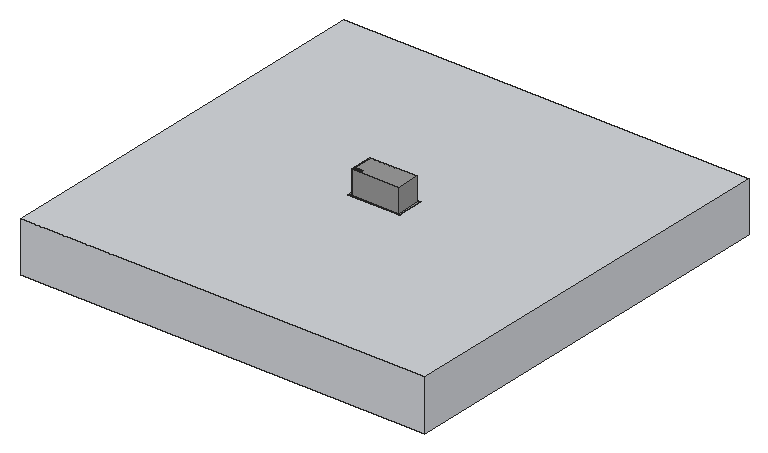
Revit family "LAMP_PUZZLE DB", category Modelos genéricos, Revit 2015
Parameters (values of type "4688LM 3000 BLACK FLOOD")
  Weight = 2.072 kg
  Type = "COB PHILIPS"
  Protection rating = "IP20"
  Product datasheet = "http://www.lamp.es/product-files/TECH/PU2RE225FL830NB-EN.pdf"
  Product code = "PU2RE225FL830NB"
  Product URL = "http://www.lamp.es/en/family/puzzle_33321"
  Power Supply = "220-240V 50-60Hz"
  Power = 36 W
  Plum = 37.8 W
  Photometric web file 2 = Aro exterior : 2344LM 3000 BLACK FLOOD
  Photometric web file 1 = Aro exterior : 2344LM 3000 BLACK FLOOD
  Modelo = Product code  # "PU2RE225FL830NB"
  Model explanation = "Availability of tilting between -25º and 25º in both directions when placed in a project."  # constant formula
  Material caja = LAMP_Aluminio aro Puzzle BL
  Manufacturer name = "LAMP"
  Manufacturer country = "Spain"
  Manufacturer URL = "http://www.lamp.es/en"
  MacAdam = "3"
  Luminaire type = "Indoor - Recessed luminaire"
  Last update = "24/07/2018"
  Lamp = "COB LED"
  LED Lifetime = "50.000 L80 B10"
  Interior Tilting 2 [instance] = 0.00°
  Interior Tilting 1 [instance] = 0.00°
  Insulation class = "II"
  Installation instructions = "http://www.lamp.es/product-files/INS/1000620-L-INSTR.%20LUMINARIA%20PUZZLE%20PARA%20PROYECCI%C3%93N.pdf"
  Initial intensity = 4688 lm
  Initial color = 3000 K
  IEE = "A++"
  Height = 139 mm
  Gear = "Electronic"
  Finish = "Matte black"
  Fabricante = Manufacturer name  # "LAMP"
  Exterior Tilting 2 [instance] = 0.00°
  Exterior Tilting 1 [instance] = 0.00°
  Default Elevation = 1219.2 mm
  Efficacy = 124 lm/W
  Dimensions = "300 x 140 x 139"
  Descripción = "PUZZLE G2 DB 2500 WW FL BK."
  Comentarios de tipo = Model explanation  # "Availability of tilting between -25º and 25º in both directions when placed in a project."
  CRI = "80"
  Angulo aro interior 2 [instance] = if(Interior Tilting 2 < -25.00°, 65.00°, if(Interior Tilting 2 > 25.00°, 115.00°, Interior Tilting 2 + 90.00°))  # 90.00°
  Angulo aro interior 1 [instance] = if(Interior Tilting 1 < -25.00°, 65.00°, if(Interior Tilting 1 > 25.00°, 115.00°, Interior Tilting 1 + 90.00°))  # 90.00°
  Angulo aro exterior 2 [instance] = if(Exterior Tilting 2 < -25.00°, 65.00°, if(Exterior Tilting 2 > 25.00°, 115.00°, Exterior Tilting 2 + 90.00°))  # 90.00°
  Angulo aro exterior 1 [instance] = if(Exterior Tilting 1 < -25.00°, 65.00°, if(Exterior Tilting 1 > 25.00°, 115.00°, Exterior Tilting 1 + 90.00°))  # 90.00°
Types (24, lengths in mm): name | Weight | Product datasheet | Product code | Power | Plum | Photometric web file 2 | Photometric web file 1 | Modelo | Material caja | LED Lifetime | Initial intensity | Initial color | IEE | Finish | Efficacy | Descripción
  4688LM 3000 BLACK FLOOD | 2.072 kg | "http://www.lamp.es/product-files/TECH/PU2RE225FL830NB-EN.pdf" | "PU2RE225FL830NB" | 36 W | 37.8 W | Aro exterior : 2344LM 3000 BLACK FLOOD | Aro exterior : 2344LM 3000 BLACK FLOOD | "PU2RE225FL830NB" | LAMP_Aluminio aro Puzzle BL | "50.000 L80 B10" | 4688 lm | 3000 K | "A++" | "Matte black" | 124 lm/W | "PUZZLE G2 DB 2500 WW FL BK."
  4688LM 3000 WHITE FLOOD | 2.072 kg | "http://www.lamp.es/product-files/TECH/PU2RE225FL830NW-EN.pdf" | "PU2RE225FL830NW" | 36 W | 37.8 W | Aro exterior : 2344LM 3000 WHITE FLOOD | Aro exterior : 2344LM 3000 WHITE FLOOD | "PU2RE225FL830NW" | LAMP_Aluminio aro Puzzle WH | "50.000 L80 B10" | 4688 lm | 3000 K | "A++" | "Matte white" | 124 lm/W | "PUZZLE G2 DB 2500 WW FL WH."
  4736LM 3000 BLACK MEDIUM FLOOD | 2.072 kg | "http://www.lamp.es/product-files/TECH/PU2RE225MF830NB-EN.pdf" | "PU2RE225MF830NB" | 36 W | 37.8 W | Aro exterior : 2368LM 3000 BLACK MEDIUM FLOOD | Aro exterior : 2368LM 3000 BLACK MEDIUM FLOOD | "PU2RE225MF830NB" | LAMP_Aluminio aro Puzzle BL | "50.000 L80 B10" | 4736 lm | 3000 K | "A++" | "Matte black" | 125.3 lm/W | "PUZZLE G2 DB 2500 WW MFL BK."
  4736LM 3000 WHITE MEDIUM FLOOD | 2.072 kg | "http://www.lamp.es/product-files/TECH/PU2RE225MF830NW-EN.pdf" | "PU2RE225MF830NW" | 36 W | 37.8 W | Aro exterior : 2368LM 3000 WHITE MEDIUM FLOOD | Aro exterior : 2368LM 3000 WHITE MEDIUM FLOOD | "PU2RE225MF830NW" | LAMP_Aluminio aro Puzzle WH | "50.000 L80 B10" | 4736 lm | 3000 K | "A++" | "Matte white" | 125.3 lm/W | "PUZZLE G2 DB 2500 WW MFL WH."
  4884LM 4000 BLACK FLOOD | 2.072 kg | "http://www.lamp.es/product-files/TECH/PU2RE225FL840NB-EN.pdf" | "PU2RE225FL840NB" | 36 W | 37.8 W | Aro exterior : 2442LM 4000 BLACK FLOOD | Aro exterior : 2442LM 4000 BLACK FLOOD | "PU2RE225FL840NB" | LAMP_Aluminio aro Puzzle BL | "50.000 L80 B10" | 4884 lm | 4000 K | "A++" | "Matte black" | 129.2 lm/W | "PUZZLE G2 DB 2500 NW FL BK."
  4884LM 4000 WHITE FLOOD | 2.072 kg | "http://www.lamp.es/product-files/TECH/PU2RE225FL840NW-EN.pdf" | "PU2RE225FL840NW" | 36 W | 37.8 W | Aro exterior : 2442LM 4000 WHITE FLOOD | Aro exterior : 2442LM 4000 WHITE FLOOD | "PU2RE225FL840NW" | LAMP_Aluminio aro Puzzle WH | "50.000 L80 B10" | 4884 lm | 4000 K | "A++" | "Matte white" | 129.2 lm/W | "PUZZLE G2 DB 2500 NW FL WH."
  4932LM 4000 BLACK MEDIUM FLOOD | 2.072 kg | "http://www.lamp.es/product-files/TECH/PU2RE225MF840NB-EN.pdf" | "PU2RE225MF840NB" | 36 W | 37.8 W | Aro exterior : 2466LM 4000 BLACK MEDIUM FLOOD | Aro exterior : 2466LM 4000 BLACK MEDIUM FLOOD | "PU2RE225MF840NB" | LAMP_Aluminio aro Puzzle BL | "50.000 L80 B10" | 4932 lm | 4000 K | "A++" | "Matte black" | 130.5 lm/W | "PUZZLE G2 DB 2500 NW MFL BK."
  4932LM 4000 WHITE MEDIUM FLOOD | 2.072 kg | "http://www.lamp.es/product-files/TECH/PU2RE225MF840NW-EN.pdf" | "PU2RE225MF840NW" | 36 W | 37.8 W | Aro exterior : 2466LM 4000 WHITE MEDIUM FLOOD | Aro exterior : 2466LM 4000 WHITE MEDIUM FLOOD | "PU2RE225MF840NW" | LAMP_Aluminio aro Puzzle WH | "50.000 L80 B10" | 4932 lm | 4000 K | "A++" | "Matte white" | 130.5 lm/W | "PUZZLE G2 DB 2500 NW MFL WH."
  6394LM 3000 BLACK FLOOD | 2.174 kg | "http://www.lamp.es/product-files/TECH/PU2RE235FL830NB-EN.pdf" | "PU2RE235FL830NB" | 54 W | 66.2 W | Aro exterior : 3197LM 3000 BLACK FLOOD | Aro exterior : 3197LM 3000 BLACK FLOOD | "PU2RE235FL830NB" | LAMP_Aluminio aro Puzzle BL | "50.000 L70 B10" | 6394 lm | 3000 K | "A+" | "Matte black" | 96.6 lm/W | "PUZZLE G2 DB 3500 WW FL BK."
  6394LM 3000 WHITE FLOOD | 2.174 kg | "http://www.lamp.es/product-files/TECH/PU2RE235FL830NW-EN.pdf" | "PU2RE235FL830NW" | 54 W | 66.2 W | Aro exterior : 3197LM 3000 WHITE FLOOD | Aro exterior : 3197LM 3000 WHITE FLOOD | "PU2RE235FL830NW" | LAMP_Aluminio aro Puzzle WH | "50.000 L70 B10" | 6394 lm | 3000 K | "A+" | "Matte white" | 96.6 lm/W | "PUZZLE G2 DB 3500 WW FL WH."
  6458LM 3000 BLACK MEDIUM FLOOD | 2.174 kg | "http://www.lamp.es/product-files/TECH/PU2RE235MF830NB-EN.pdf" | "PU2RE235MF830NB" | 54 W | 66.2 W | Aro exterior : 3229LM 3000 BLACK MEDIUM FLOOD | Aro exterior : 3229LM 3000 BLACK MEDIUM FLOOD | "PU2RE235MF830NB" | LAMP_Aluminio aro Puzzle BL | "50.000 L70 B10" | 6458 lm | 3000 K | "A+" | "Matte black" | 97.6 lm/W | "PUZZLE G2 DB 3500 WW MFL BK."
  6458LM 3000 WHITE MEDIUM FLOOD | 2.174 kg | "http://www.lamp.es/product-files/TECH/PU2RE235MF830NW-EN.pdf" | "PU2RE235MF830NW" | 54 W | 66.2 W | Aro exterior : 3229LM 3000 WHITE MEDIUM FLOOD | Aro exterior : 3229LM 3000 WHITE MEDIUM FLOOD | "PU2RE235MF830NW" | LAMP_Aluminio aro Puzzle WH | "50.000 L70 B10" | 6458 lm | 3000 K | "A+" | "Matte white" | 97.6 lm/W | "PUZZLE G2 DB 3500 WW MFL WH."
  6660LM 4000 BLACK FLOOD | 2.174 kg | "http://www.lamp.es/product-files/TECH/PU2RE235FL840NB-EN.pdf" | "PU2RE235FL840NB" | 54 W | 66.2 W | Aro exterior : 3330LM 4000 BLACK FLOOD | Aro exterior : 3330LM 4000 BLACK FLOOD | "PU2RE235FL840NB" | LAMP_Aluminio aro Puzzle BL | "50.000 L70 B10" | 6660 lm | 4000 K | "A+" | "Matte black" | 100.6 lm/W | "PUZZLE G2 DB 3500 NW FL BK."
  6660LM 4000 WHITE FLOOD | 2.174 kg | "http://www.lamp.es/product-files/TECH/PU2RE235FL840NW-EN.pdf" | "PU2RE235FL840NW" | 54 W | 66.2 W | Aro exterior : 3330LM 4000 WHITE FLOOD | Aro exterior : 3330LM 4000 WHITE FLOOD | "PU2RE235FL840NW" | LAMP_Aluminio aro Puzzle WH | "50.000 L70 B10" | 6660 lm | 4000 K | "A+" | "Matte white" | 100.6 lm/W | "PUZZLE G2 DB 3500 NW FL WH."
  6726LM 4000 BLACK MEDIUM FLOOD | 2.174 kg | "http://www.lamp.es/product-files/TECH/PU2RE235MF840NB-EN.pdf" | "PU2RE235MF840NB" | 54 W | 66.2 W | Aro exterior : 3363LM 4000 BLACK MEDIUM FLOOD | Aro exterior : 3363LM 4000 BLACK MEDIUM FLOOD | "PU2RE235MF840NB" | LAMP_Aluminio aro Puzzle BL | "50.000 L70 B10" | 6726 lm | 4000 K | "A+" | "Matte black" | 101.6 lm/W | "PUZZLE G2 DB 3500 NW MFL BK."
  6726LM 4000 WHITE MEDIUM FLOOD | 2.174 kg | "http://www.lamp.es/product-files/TECH/PU2RE235MF840NW-EN.pdf" | "PU2RE235MF840NW" | 54 W | 66.2 W | Aro exterior : 3363LM 4000 WHITE MEDIUM FLOOD | Aro exterior : 3363LM 4000 WHITE MEDIUM FLOOD | "PU2RE235MF840NW" | LAMP_Aluminio aro Puzzle WH | "50.000 L70 B10" | 6726 lm | 4000 K | "A+" | "Matte white" | 101.6 lm/W | "PUZZLE G2 DB 3500 NW MFL WH."
  8102LM 3000 BLACK MEDIUM FLOOD | 2.33 kg | "http://www.lamp.es/product-files/TECH/PU2RE245MF830NB-EN.pdf" | "PU2RE245MF830NB" | 66 W | 76.4 W | Aro exterior : 4051LM 3000 BLACK MEDIUM FLOOD | Aro exterior : 4051LM 3000 BLACK MEDIUM FLOOD | "PU2RE245MF830NB" | LAMP_Aluminio aro Puzzle BL | "50.000 L80 B10" | 8102 lm | 3000 K | "A+" | "Matte black" | 106 lm/W | "PUZZLE G2 DB 4600 WW MFL BK."
  8102LM 3000 WHITE MEDIUM FLOOD | 2.33 kg | "http://www.lamp.es/product-files/TECH/PU2RE245MF830NW-EN.pdf" | "PU2RE245MF830NW" | 66 W | 76.4 W | Aro exterior : 4051LM 3000 WHITE MEDIUM FLOOD | Aro exterior : 4051LM 3000 WHITE MEDIUM FLOOD | "PU2RE245MF830NW" | LAMP_Aluminio aro Puzzle WH | "50.000 L80 B10" | 8102 lm | 3000 K | "A+" | "Matte white" | 106 lm/W | "PUZZLE G2 DB 4600 WW MFL WH."
  8274LM 3000 BLACK FLOOD | 2.33 kg | "http://www.lamp.es/product-files/TECH/PU2RE245FL830NB-EN.pdf" | "PU2RE245FL830NB" | 66 W | 76.4 W | Aro exterior : 4137LM 3000 BLACK FLOOD | Aro exterior : 4137LM 3000 BLACK FLOOD | "PU2RE245FL830NB" | LAMP_Aluminio aro Puzzle BL | "50.000 L80 B10" | 8274 lm | 3000 K | "A+" | "Matte black" | 108.3 lm/W | "PUZZLE G2 DB 4600 WW FL BK."
  8274LM 3000 WHITE FLOOD | 2.33 kg | "http://www.lamp.es/product-files/TECH/PU2RE245FL830NW-EN.pdf" | "PU2RE245FL830NW" | 66 W | 76.4 W | Aro exterior : 4137LM 3000 WHITE FLOOD | Aro exterior : 4137LM 3000 WHITE FLOOD | "PU2RE245FL830NW" | LAMP_Aluminio aro Puzzle WH | "50.000 L80 B10" | 8274 lm | 3000 K | "A+" | "Matte white" | 108.3 lm/W | "PUZZLE G2 DB 4600 WW FL WH."
  8440LM 4000 BLACK MEDIUM FLOOD | 2.33 kg | "http://www.lamp.es/product-files/TECH/PU2RE245MF840NB-EN.pdf" | "PU2RE245MF840NB" | 66 W | 76.4 W | Aro exterior : 4220LM 4000 BLACK MEDIUM FLOOD | Aro exterior : 4220LM 4000 BLACK MEDIUM FLOOD | "PU2RE245MF840NB" | LAMP_Aluminio aro Puzzle BL | "50.000 L80 B10" | 8440 lm | 4000 K | "A+" | "Matte black" | 110.5 lm/W | "PUZZLE G2 DB 4600 NW MFL BK."
  8440LM 4000 WHITE MEDIUM FLOOD | 2.33 kg | "http://www.lamp.es/product-files/TECH/PU2RE245MF840NW-EN.pdf" | "PU2RE245MF840NW" | 66 W | 76.4 W | Aro exterior : 4220LM 4000 WHITE MEDIUM FLOOD | Aro exterior : 4220LM 4000 WHITE MEDIUM FLOOD | "PU2RE245MF840NW" | LAMP_Aluminio aro Puzzle WH | "50.000 L80 B10" | 8440 lm | 4000 K | "A+" | "Matte white" | 110.5 lm/W | "PUZZLE G2 DB 4600 NW MFL WH."
  8618LM 4000 BLACK FLOOD | 2.33 kg | "http://www.lamp.es/product-files/TECH/PU2RE245FL840NB-EN.pdf" | "PU2RE245FL840NB" | 66 W | 76.4 W | Aro exterior : 4309LM 4000 BLACK FLOOD | Aro exterior : 4309LM 4000 BLACK FLOOD | "PU2RE245FL840NB" | LAMP_Aluminio aro Puzzle BL | "50.000 L80 B10" | 8618 lm | 4000 K | "A+" | "Matte black" | 112.8 lm/W | "PUZZLE G2 DB 4600 NW FL BK."
  8618LM 4000 WHITE FLOOD | 2.33 kg | "http://www.lamp.es/product-files/TECH/PU2RE245FL840NW-EN.pdf" | "PU2RE245FL840NW" | 66 W | 76.4 W | Aro exterior : 4309LM 4000 WHITE FLOOD | Aro exterior : 4309LM 4000 WHITE FLOOD | "PU2RE245FL840NW" | LAMP_Aluminio aro Puzzle WH | "50.000 L80 B10" | 8618 lm | 4000 K | "A+" | "Matte white" | 112.8 lm/W | "PUZZLE G2 DB 4600 NW FL WH."
Reference planes
  plane 1 "Centro (Frontal/Posterior)": y = 0
  plane 2: z = 0
  plane 3 "Centro (Izquierda/Derecha)": x = 0
Forms (mm)
  Extrusion 1, solid
    sketch origin (0, 0, 0) x (1, 0, 0) y (0, 1, 0)
      loop
        line (-1219.2, 1219.2) -> (-1219.2, -1219.2) -> (1219.2, -1219.2) -> (1219.2, 1219.2) -> (-1219.2, 1219.2)
    from 0 to -304.8
  Extrusion 2, solid, material "LAMP_Aluminio aro Puzzle BL" <- "Material caja"
    sketch origin (0, 0, 0) x (1, 0, 0) y (0, 1, 0)
      loop
        line (-155, 78.5) -> (-155, -78.5) -> (155, -78.5) -> (155, 78.5) -> (-155, 78.5)
      loop
        line (141, 69.5) -> (-141, 69.5) -> (-141, -69.5) -> (141, -69.5) -> (141, 69.5)
    from 0 to 1
  Extrusion 3, solid, material "LAMP_Aluminio aro Puzzle BL" <- "Material caja"
    sketch origin (0, 0, 0) x (1, 0, 0) y (0, 1, 0)
      loop
        line (142, 70.5) -> (-142, 70.5) -> (-142, -70.5) -> (142, -70.5) -> (142, 70.5)
    from 1 to 140
  Extrusion 4, void
    sketch origin (0, 0, 0) x (1, 0, 0) y (0, 1, 0)
      loop
        line (-141, 69.5) -> (-141, -69.5) -> (141, -69.5) -> (141, 69.5) -> (-141, 69.5)
    from 0 to 139
  Extrusion 5, solid, material "LAMP_Aluminio aro Puzzle BL" <- "Material caja"
    sketch origin (0, 0, 0) x (1, 0, 0) y (0, 1, 0)
      loop
        arc (-133.934, -63.811) -> (-133.716, -64.338) -> (-133.189, -64.556) r 0.745
        line (-133.189, -64.556) -> (-128.649, -64.556)
        arc (-128.649, -64.556) -> (-128.199, -64.412) -> (-127.917, -64.033) r 0.775
        line (-127.917, -64.033) -> (-123.376, -50.838) -> (-118.861, -63.961)
        arc (-118.861, -63.961) -> (-118.596, -64.317) -> (-118.173, -64.452) r 0.727
        line (-118.173, -64.452) -> (-114.752, -64.452)
        arc (-114.752, -64.452) -> (-114.237, -64.238) -> (-114.024, -63.723) r 0.729
        line (-114.024, -63.723) -> (-114.024, -50.907) -> (-110.07, -54.861) -> (-105.964, -50.755) -> (-105.964, -63.849)
        arc (-105.964, -63.849) -> (-105.757, -64.349) -> (-105.257, -64.556) r 0.708
        line (-105.257, -64.556) -> (-100.18, -64.556)
        arc (-100.18, -64.556) -> (-99.638, -64.332) -> (-99.414, -63.79) r 0.766
        line (-99.414, -63.79) -> (-99.414, -51.39)
        arc (-99.414, -51.39) -> (-99.197, -50.867) -> (-98.674, -50.65) r 0.74
        line (-98.674, -50.65) -> (-95.23, -50.65)
        arc (-95.23, -50.65) -> (-94.691, -50.873) -> (-94.467, -51.412) r 0.762
        line (-94.467, -51.412) -> (-94.467, -54.015)
        arc (-94.467, -54.015) -> (-94.689, -54.55) -> (-95.225, -54.772) r 0.758
        line (-95.225, -54.772) -> (-98.396, -54.772)
        arc (-98.396, -54.772) -> (-99.221, -55.597) -> (-98.396, -56.421) r 0.824
        line (-98.396, -56.421) -> (-93.558, -56.421)
        arc (-93.558, -56.421) -> (-93.035, -56.204) -> (-92.819, -55.682) r 0.739
        line (-92.819, -55.682) -> (-92.819, -49.777)
        arc (-92.819, -49.777) -> (-93.046, -49.228) -> (-93.594, -49.001) r 0.776
        line (-93.594, -49.001) -> (-100.297, -49.001)
        arc (-100.297, -49.001) -> (-100.838, -49.226) -> (-101.063, -49.767) r 0.766
        line (-101.063, -49.767) -> (-101.063, -62.162)
        arc (-101.063, -62.162) -> (-101.287, -62.704) -> (-101.829, -62.929) r 0.766
        line (-101.829, -62.929) -> (-103.525, -62.929)
        arc (-103.525, -62.929) -> (-104.064, -62.705) -> (-104.287, -62.167) r 0.762
        line (-104.287, -62.167) -> (-104.287, -50.519)
        arc (-104.287, -50.519) -> (-105.483, -48.857) -> (-107.439, -49.463) r 1.753
        line (-107.439, -49.463) -> (-110.07, -52.093) -> (-112.7, -49.463)
        arc (-112.7, -49.463) -> (-114.656, -48.857) -> (-115.852, -50.519) r 1.753
        line (-115.852, -50.519) -> (-115.852, -61.98)
        arc (-115.852, -61.98) -> (-116.642, -62.913) -> (-117.693, -62.288) r 0.946
        line (-117.693, -62.288) -> (-121.9, -50.055)
        arc (-121.9, -50.055) -> (-123.376, -49.001) -> (-124.853, -50.055) r 1.561
        line (-124.853, -50.055) -> (-129.102, -62.41)
        arc (-129.102, -62.41) -> (-129.382, -62.786) -> (-129.828, -62.929) r 0.768
        line (-129.828, -62.929) -> (-131.553, -62.929)
        arc (-131.553, -62.929) -> (-132.071, -62.714) -> (-132.286, -62.196) r 0.733
        line (-132.286, -62.196) -> (-132.286, -49.738)
        arc (-132.286, -49.738) -> (-133.11, -48.914) -> (-133.934, -49.738) r 0.824
        line (-133.934, -49.738) -> (-133.934, -63.811)
    from 140 to 141
Cuts and joins
  Extrusion 4 cuts Extrusion 3
  joined: Extrusion 2, Extrusion 3
Text (mm)
  text "Any modification of the parameters and properties of the LAMP BIM models must be executed and validated by the LAMP technical department.\n\nPhone: +34 93 736 68 00\n\nE-mail: lamp@lamp.es\n\n\n\nLAMP reserves the right to modify the technical specifications of its products." at (-13542.455, 20964.75, -8790.927), in view "Preview"
Dimensions and locks
  aligned and locked: plane 2 to Extrusion 1
  aligned and locked: level to Extrusion 1
Nested families
  nested 1: "Aro exterior" at (70.5, 0, 0) x (0, 1, 0) z (0, 0, 1), type <- "Photometric web file 2", Interior tilting <- "Angulo aro interior 2", Exterior tilting <- "Angulo aro exterior 2", type "2344LM 3000 BLACK FLOOD"
    with Interior tilting 90.00°, Exterior tilting 90.00°
  nested 2: "Aro exterior" at (-70.5, 0, 0) x (0, 1, 0) z (0, 0, 1), type <- "Photometric web file 1", Interior tilting <- "Angulo aro interior 1", Exterior tilting <- "Angulo aro exterior 1", type "2344LM 3000 BLACK FLOOD"
    with Interior tilting 90.00°, Exterior tilting 90.00°
Connectors
  electrical at (0, 0, 139)
    settings: on cut or joined group of Extrusion 2, Extrusion 3, Extrusion 4, index 1, voltage 230 V, apparent load 0 VA, apparent load phase1 0 VA, apparent load phase2 0 VA, apparent load phase3 0 VA, power factor 1, load classification "Otro", number of poles 1, system type 31, power factor state 1, is connector primary yes, connector utility no, sub classification motor no, connector description ""
Definition of nested family "Aro exterior"
  Parameters (values of type "1405LM 3000 BLACK FLOOD")
    Exterior tilting [instance] = 90.00°
    Interior tilting [instance] = 90.00°
    Photometric web file = Aro interior : 1405LM 3000 BLACK FLOOD
    Material aro = none
  Types (33, lengths in mm): name | Photometric web file
    (no name) | Aro interior : 1405LM 3000 BLACK FLOOD
    1405LM 3000 BLACK FLOOD | Aro interior : 1405LM 3000 BLACK FLOOD
    1405LM 3000 WHITE FLOOD | Aro interior : 1405LM 3000 WHITE FLOOD
    1421LM 3000 BLACK MEDIUM FLOOD | Aro interior : 1421LM 3000 BLACK MEDIUM FLOOD
    1421LM 3000 WHITE MEDIUM FLOOD | Aro interior : 1421LM 3000 WHITE MEDIUM FLOOD
    1464LM 4000 BLACK FLOOD | Aro interior : 1464LM 4000 BLACK FLOOD
    1464LM 4000 WHITE FLOOD | Aro interior : 1464LM 4000 WHITE FLOOD
    1480LM 4000 BLACK MEDIUM FLOOD | Aro interior : 1480LM 4000 BLACK MEDIUM FLOOD
    1480LM 4000 WHITE MEDIUM FLOOD | Aro interior : 1480LM 4000 WHITE MEDIUM FLOOD
    2344LM 3000 BLACK FLOOD | Aro interior : 2344LM 3000 BLACK FLOOD
    2344LM 3000 WHITE FLOOD | Aro interior : 2344LM 3000 WHITE FLOOD
    2368LM 3000 BLACK MEDIUM FLOOD | Aro interior : 2368LM 3000 BLACK MEDIUM FLOOD
    2368LM 3000 WHITE MEDIUM FLOOD | Aro interior : 2368LM 3000 WHITE MEDIUM FLOOD
    2442LM 4000 BLACK FLOOD | Aro interior : 2442LM 4000 BLACK FLOOD
    2442LM 4000 WHITE FLOOD | Aro interior : 2442LM 4000 WHITE FLOOD
    2466LM 4000 BLACK MEDIUM FLOOD | Aro interior : 2466LM 4000 BLACK MEDIUM FLOOD
    2466LM 4000 WHITE MEDIUM FLOOD | Aro interior : 2466LM 4000 WHITE MEDIUM FLOOD
    3197LM 3000 BLACK FLOOD | Aro interior : 3197LM 3000 BLACK FLOOD
    3197LM 3000 WHITE FLOOD | Aro interior : 3197LM 3000 WHITE FLOOD
    3229LM 3000 BLACK MEDIUM FLOOD | Aro interior : 3229LM 3000 BLACK MEDIUM FLOOD
    3229LM 3000 WHITE MEDIUM FLOOD | Aro interior : 3229LM 3000 WHITE MEDIUM FLOOD
    3330LM 4000 BLACK FLOOD | Aro interior : 3330LM 4000 BLACK FLOOD
    3330LM 4000 WHITE FLOOD | Aro interior : 3330LM 4000 WHITE FLOOD
    3363LM 4000 BLACK MEDIUM FLOOD | Aro interior : 3363LM 4000 BLACK MEDIUM FLOOD
    3363LM 4000 WHITE MEDIUM FLOOD | Aro interior : 3363LM 4000 WHITE MEDIUM FLOOD
    4051LM 3000 BLACK MEDIUM FLOOD | Aro interior : 4051LM 3000 BLACK MEDIUM FLOOD
    4051LM 3000 WHITE MEDIUM FLOOD | Aro interior : 4051LM 3000 WHITE MEDIUM FLOOD
    4137LM 3000 BLACK FLOOD | Aro interior : 4137LM 3000 BLACK FLOOD
    4137LM 3000 WHITE FLOOD | Aro interior : 4137LM 3000 WHITE FLOOD
    4220LM 4000 BLACK MEDIUM FLOOD | Aro interior : 4220LM 4000 BLACK MEDIUM FLOOD
    4220LM 4000 WHITE MEDIUM FLOOD | Aro interior : 4220LM 4000 WHITE MEDIUM FLOOD
    4309LM 4000 BLACK FLOOD | Aro interior : 4309LM 4000 BLACK FLOOD
    4309LM 4000 WHITE FLOOD | Aro interior : 4309LM 4000 WHITE FLOOD
  Reference planes
    plane 1 "Centro (Frontal/Posterior)": y = 0
    plane 2: z = 0
    plane 3 "Centro (Izquierda/Derecha)": x = 0
  Forms (mm)
    Revolve 1, solid, material <- "Material aro"
      sketch origin (0, 0, 0) x (0, -1, 0) y (0, 0, -1)
        loop
          line (61.2, 0) -> (61.2, -4.112) -> (62.81, -4.112) -> (64.5, -20) -> (67, -20) -> (65, -1.2)
          arc (65, -1.2) -> (64.649, -0.351) -> (63.8, 0) r 1.2
          line (63.8, 0) -> (61.2, 0)
        axis (0, 0) -> (0, -20)
      angle from 0 to 360
  Lines and regions (mm)
    reference lines
      curve 1: line (0, 0, 0) -> (0, -100, 0)
  Dimensions and locks
    "Exterior tilting": angle plane 1 "Centro (Frontal/Posterior)" to curve 1
    aligned and locked: level to plane 2
    aligned and locked: plane 1 "Centro (Frontal/Posterior)" to curve 1
    aligned and locked: plane 2 to curve 1
  Automatic sketch dimensions
    Revolve 1 sketch curve to curve 1 = 0 mm  (x2)
    Revolve 1 sketch curve to curve 1 = 1261.835 mm
    curve 1 to Revolve 1 sketch curve = 115.333 mm
    Revolve 1 sketch curve to curve 1 = 38.8 mm
    curve 1 to Revolve 1 sketch curve = 4.112 mm
    Revolve 1 sketch curve to Revolve 1 sketch curve = 1.61 mm
    curve 1 to Revolve 1 sketch curve = 1.2 mm
    Revolve 1 sketch curve to Revolve 1 sketch curve = 2.6 mm
    Revolve 1 sketch curve to Revolve 1 sketch curve = 1.69 mm
    Revolve 1 sketch curve to Revolve 1 sketch curve = 2.5 mm
    Revolve 1 sketch curve to Revolve 1 sketch curve = 15.888 mm
  Nested families
    nested 1: "Aro interior" at (0, 0, -1520), type <- "Photometric web file", type "1405LM 3000 BLACK FLOOD"
  Definition of nested family "Aro interior"
    Parameters (values of type "1421LM 3000 BLACK MEDIUM FLOOD")
      Tilt Angle = Tilting 1  # 90.00°
      Wattage = 9.7 W
      Tilting 1 = 90.00°
      built-in parameter 1150110 = 1 (stored number, unit not read)
      Material Reflector = none
      Material COB = none
      Material Aro = none
      built-in parameter 1114217 = 1 (stored number, unit not read)
      built-in parameter 1150109 = 1 (stored number, unit not read)
      Default Elevation = 1219.2 mm
      built-in parameter 1150134 = (empty or 0)
      built-in parameter 1150113 = 1 (stored number, unit not read)
      Lumens = 1421.05 lm
      built-in parameter 1150115 = 1 (stored number, unit not read)
      built-in parameter 1150105 = 2804 (stored number, unit not read)
      built-in parameter 1150137 = (empty or 0)
      built-in parameter 1150139 = (empty or 0)
      built-in parameter 1150112 = 1 (stored number, unit not read)
      built-in parameter 1150114 = 1 (stored number, unit not read)
      built-in parameter 1150132 = 2
      built-in parameter 1150102 = (empty or 0)
      built-in parameter 1150138 = (empty or 0)
      built-in parameter 1150107 = 3000 (stored number, unit not read)
      built-in parameter 1150106 = 28.04 (stored number, unit not read)
      built-in parameter 1150104 = 13.61 (stored number, unit not read)
      Dimming Lamp Color Temperature Shift = (empty or 0)
      Color Filter = 16777215
      built-in parameter 1114218 = 1 (stored number, unit not read)
      Photometric Web File = "PU2RE115MF830NB.IES"
      built-in parameter 1150133 = 10 (stored number, unit not read)
    Types (33, lengths in mm): name | Wattage | built-in parameter 1150134 | Lumens | built-in parameter 1150105 | built-in parameter 1150107 | built-in parameter 1150106 | built-in parameter 1150104 | Photometric Web File
      (no name) | 9.7 W | (empty or 0) | 1421.05 lm | 2804 (stored number, unit not read) | 3000 (stored number, unit not read) | 28.04 (stored number, unit not read) | 13.61 (stored number, unit not read) | "PU2RE115MF830NB.IES"
      1405LM 3000 BLACK FLOOD | 9.7 W | (empty or 0) | 1404.56 lm | 2771.5 (stored number, unit not read) | 3000 (stored number, unit not read) | 27.715 (stored number, unit not read) | 13.452 (stored number, unit not read) | "PU2RE115FL830NB.IES"
      1405LM 3000 WHITE FLOOD | 9.7 W | (empty or 0) | 1404.56 lm | 2771.5 (stored number, unit not read) | 3000 (stored number, unit not read) | 27.715 (stored number, unit not read) | 13.452 (stored number, unit not read) | "PU2RE115FL830NW.IES"
      1421LM 3000 BLACK MEDIUM FLOOD | 9.7 W | (empty or 0) | 1421.05 lm | 2804 (stored number, unit not read) | 3000 (stored number, unit not read) | 28.04 (stored number, unit not read) | 13.61 (stored number, unit not read) | "PU2RE115MF830NB.IES"
      1421LM 3000 WHITE MEDIUM FLOOD | 9.7 W | (empty or 0) | 1421.05 lm | 2804 (stored number, unit not read) | 3000 (stored number, unit not read) | 28.04 (stored number, unit not read) | 13.61 (stored number, unit not read) | "PU2RE115MF830NW.IES"
      1464LM 4000 BLACK FLOOD | 9.7 W | 12 | 1463.73 lm | 4884.5 (stored number, unit not read) | 4000 (stored number, unit not read) | 48.845 (stored number, unit not read) | 14.019 (stored number, unit not read) | "PU2RE115FL840NB.IES"
      1464LM 4000 WHITE FLOOD | 9.7 W | 12 | 1463.73 lm | 2888.2 (stored number, unit not read) | 4000 (stored number, unit not read) | 28.882 (stored number, unit not read) | 14.019 (stored number, unit not read) | "PU2RE115FL840NW.IES"
      1480LM 4000 BLACK MEDIUM FLOOD | 9.7 W | 12 | 1480.22 lm | 2920.7 (stored number, unit not read) | 4000 (stored number, unit not read) | 29.207 (stored number, unit not read) | 14.177 (stored number, unit not read) | "PU2RE115MF840NB.IES"
      1480LM 4000 WHITE MEDIUM FLOOD | 9.7 W | 12 | 1480.22 lm | 2920.7 (stored number, unit not read) | 4000 (stored number, unit not read) | 29.207 (stored number, unit not read) | 14.177 (stored number, unit not read) | "PU2RE115MF840NW.IES"
      2344LM 3000 BLACK FLOOD | 18.9 W | (empty or 0) | 2343.6 lm | 7820.6 (stored number, unit not read) | 3000 (stored number, unit not read) | 78.206 (stored number, unit not read) | 11.52 (stored number, unit not read) | "PU2RE125FL830NB.IES"
      2344LM 3000 WHITE FLOOD | 18.9 W | (empty or 0) | 2343.6 lm | 7820.6 (stored number, unit not read) | 3000 (stored number, unit not read) | 78.206 (stored number, unit not read) | 11.52 (stored number, unit not read) | "PU2RE125FL830NW.IES"
      2368LM 3000 BLACK MEDIUM FLOOD | 18.9 W | (empty or 0) | 2368.17 lm | 4793.7 (stored number, unit not read) | 3000 (stored number, unit not read) | 47.937 (stored number, unit not read) | 11.641 (stored number, unit not read) | "PU2RE125MF830NB.IES"
      2368LM 3000 WHITE MEDIUM FLOOD | 18.9 W | (empty or 0) | 2368.17 lm | 4793.7 (stored number, unit not read) | 3000 (stored number, unit not read) | 47.937 (stored number, unit not read) | 11.641 (stored number, unit not read) | "PU2RE125MF830NW.IES"
      2442LM 4000 BLACK FLOOD | 18.9 W | 12 | 2441.88 lm | 8148.6 (stored number, unit not read) | 4000 (stored number, unit not read) | 81.486 (stored number, unit not read) | 12.003 (stored number, unit not read) | "PU2RE125FL840NB.IES"
      2442LM 4000 WHITE FLOOD | 18.9 W | 12 | 2441.88 lm | 8148.6 (stored number, unit not read) | 4000 (stored number, unit not read) | 81.486 (stored number, unit not read) | 12.003 (stored number, unit not read) | "PU2RE125FL840NW.IES"
      2466LM 4000 BLACK MEDIUM FLOOD | 18.9 W | 12 | 2466.45 lm | 4992.7 (stored number, unit not read) | 4000 (stored number, unit not read) | 49.927 (stored number, unit not read) | 12.124 (stored number, unit not read) | "PU2RE125MF840NB.IES"
      2466LM 4000 WHITE MEDIUM FLOOD | 18.9 W | 12 | 2466.45 lm | 4992.7 (stored number, unit not read) | 4000 (stored number, unit not read) | 49.927 (stored number, unit not read) | 12.124 (stored number, unit not read) | "PU2RE125MF840NW.IES"
      3197LM 3000 BLACK FLOOD | 33.1 W | (empty or 0) | 3197.46 lm | 10670 (stored number, unit not read) | 3000 (stored number, unit not read) | 106.7 (stored number, unit not read) | 8.9744 (stored number, unit not read) | "PU2RE135FL830NB.IES"
      3197LM 3000 WHITE FLOOD | 33.1 W | (empty or 0) | 3197.46 lm | 10670 (stored number, unit not read) | 3000 (stored number, unit not read) | 106.7 (stored number, unit not read) | 8.9744 (stored number, unit not read) | "PU2RE135FL830NW.IES"
      3229LM 3000 BLACK MEDIUM FLOOD | 33.1 W | (empty or 0) | 3230.56 lm | 10780.5 (stored number, unit not read) | 3000 (stored number, unit not read) | 107.8 (stored number, unit not read) | 9.0673 (stored number, unit not read) | "PU2RE135MF830NB.IES"
      3229LM 3000 WHITE MEDIUM FLOOD | 33.1 W | (empty or 0) | 3230.56 lm | 10780.5 (stored number, unit not read) | 3000 (stored number, unit not read) | 107.8 (stored number, unit not read) | 9.0673 (stored number, unit not read) | "PU2RE135MF830NW.IES"
      3330LM 4000 BLACK FLOOD | 33.1 W | 12 | 3329.86 lm | 6853.6 (stored number, unit not read) | 4000 (stored number, unit not read) | 68.536 (stored number, unit not read) | 9.346 (stored number, unit not read) | "PU2RE135FL840NB.IES"
      3330LM 4000 WHITE FLOOD | 33.1 W | 12 | 3329.86 lm | 6853.6 (stored number, unit not read) | 4000 (stored number, unit not read) | 68.536 (stored number, unit not read) | 9.346 (stored number, unit not read) | "PU2RE135FL840NW.IES"
      3363LM 4000 BLACK MEDIUM FLOOD | 33.1 W | 12 | 3362.96 lm | 6921.7 (stored number, unit not read) | 4000 (stored number, unit not read) | 69.217 (stored number, unit not read) | 9.4389 (stored number, unit not read) | "PU2RE135MF840NB.IES"
      3363LM 4000 WHITE MEDIUM FLOOD | 33.1 W | 12 | 3362.96 lm | 6921.7 (stored number, unit not read) | 4000 (stored number, unit not read) | 69.217 (stored number, unit not read) | 9.4389 (stored number, unit not read) | "PU2RE135MF840NW.IES"
      4051LM 3000 BLACK MEDIUM FLOOD | 38.2 W | (empty or 0) | 4049.2 lm | 13512.3 (stored number, unit not read) | 3000 (stored number, unit not read) | 135.12 (stored number, unit not read) | 9.8477 (stored number, unit not read) | "PU2RE145MF830NB.IES"
      4051LM 3000 WHITE MEDIUM FLOOD | 38.2 W | (empty or 0) | 4049.2 lm | 13512.3 (stored number, unit not read) | 3000 (stored number, unit not read) | 135.12 (stored number, unit not read) | 9.8477 (stored number, unit not read) | "PU2RE145MF830NW.IES"
      4137LM 3000 BLACK FLOOD | 38.2 W | (empty or 0) | 4137.06 lm | 11389.9 (stored number, unit not read) | 3000 (stored number, unit not read) | 113.9 (stored number, unit not read) | 10.061 (stored number, unit not read) | "PU2RE145FL830NB.IES"
      4137LM 3000 WHITE FLOOD | 38.2 W | (empty or 0) | 4137.06 lm | 11389.9 (stored number, unit not read) | 3000 (stored number, unit not read) | 113.9 (stored number, unit not read) | 10.061 (stored number, unit not read) | "PU2RE145FL830NW.IES"
      4220LM 4000 BLACK MEDIUM FLOOD | 38.2 W | 12 | 4221.1 lm | 8318.4 (stored number, unit not read) | 4000 (stored number, unit not read) | 83.184 (stored number, unit not read) | 10.266 (stored number, unit not read) | "PU2RE145MF840NB.IES"
      4220LM 4000 WHITE MEDIUM FLOOD | 38.2 W | 12 | 4221.1 lm | 8318.4 (stored number, unit not read) | 4000 (stored number, unit not read) | 83.184 (stored number, unit not read) | 10.266 (stored number, unit not read) | "PU2RE145MF840NW.IES"
      4309LM 4000 BLACK FLOOD | 38.2 W | 12 | 4308.96 lm | 11863.2 (stored number, unit not read) | 4000 (stored number, unit not read) | 118.63 (stored number, unit not read) | 10.479 (stored number, unit not read) | "PU2RE145FL840NB.IES"
      4309LM 4000 WHITE FLOOD | 38.2 W | 12 | 4308.96 lm | 11863.2 (stored number, unit not read) | 4000 (stored number, unit not read) | 118.63 (stored number, unit not read) | 10.479 (stored number, unit not read) | "PU2RE145FL840NW.IES"
    Reference planes
      plane 1 "Eje de origen de luz (F/P)": y = 0
      plane 2: z = 0
      plane 3 "Eje de origen de luz (I/D)": x = 0
      plane 4 "Elevación de origen de luz": z = 1500
      plane 5: z = 1520
    Forms (mm)
      Revolve 1, solid, material <- "Material Aro"
        sketch origin (0, 0, 1520) x (1, 0, 0) y (0, 0, 1)
          loop
            line (-55.65, 14) -> (-55.65, 4.75) -> (-51.35, 4.75) -> (-51.35, 0) -> (0, 0) -> (0, 14) -> (-55.65, 14)
          axis (0, 14) -> (0, 0)
        angle from 0 to 360
      Extrusion 2, void
        sketch origin (0, 0, 1520) x (-1, 0, 0) y (0, -1, 0)
          loop
            circle (0, 0) r 51.35
        from 4.75 to 14
      Extrusion 3, void
        sketch origin (0, 0, 1520) x (-1, 0, 0) y (0, -1, 0)
          loop
            circle (0, 0) r 34.3
        from 0 to 4.75
      Revolve 4, solid, material <- "Material Reflector"
        sketch origin (0, 0, 1520) x (1, 0, 0) y (0, 0, 1)
          loop
            line (0, 4.75) -> (0, 54.75) -> (-10, 54.75)
            spline (-10, 54.75) -> (-13.008, 52.377) -> (-15.867, 49.677) -> (-18.578, 46.652) -> (-21.14, 43.301) -> (-23.555, 39.623) -> (-25.82, 35.619) -> (-27.938, 31.29) -> (-29.907, 26.634) -> (-31.728, 21.652) -> (-33.4, 16.344) -> (-34.924, 10.71) -> (-36.3, 4.75)
            line (-36.3, 4.75) -> (-35.3, 4.75) -> (0, 4.75)
          axis (0, 54.75) -> (0, 4.75)
        angle from 0 to 360
      Revolve 5, void
        sketch origin (0, 0, 1520) x (1, 0, 0) y (0, 0, 1)
          loop
            line (0, 4.75) -> (0, 54.75) -> (-8, 54.75)
            spline (-8, 54.75) -> (-11.008, 52.377) -> (-13.867, 49.677) -> (-16.578, 46.652) -> (-19.14, 43.301) -> (-21.555, 39.623) -> (-23.82, 35.619) -> (-25.938, 31.29) -> (-27.907, 26.634) -> (-29.728, 21.652) -> (-31.4, 16.344) -> (-32.924, 10.71) -> (-34.3, 4.75)
            line (-34.3, 4.75) -> (-33.3, 4.75) -> (0, 4.75)
          axis (0, 54.75) -> (0, 4.75)
        angle from 0 to 360
      Revolve 6, solid, material <- "Material COB"
        sketch origin (0, 0, 1520) x (1, 0, 0) y (0, 0, 1)
          loop
            line (0, 54.75) -> (10, 54.75) -> (10, 56.75) -> (0, 56.75) -> (0, 54.75)
          axis (0, 56.75) -> (0, 54.75)
        angle from 0 to 360
      Revolve 7, solid, material <- "Material Aro"
        sketch origin (0, 0, 1520) x (1, 0, 0) y (0, 0, 1)
          loop
            line (-59.2, 0) -> (-57.2, 0) -> (-57.2, 17) -> (-51.9, 17) -> (-51.9, 19) -> (-59.2, 19) -> (-59.2, 0)
          axis (0, 19) -> (0, 0)
        angle from 0 to 360
    Cuts and joins
      Extrusion 2, Extrusion 3 cuts Revolve 1
      Revolve 5 cuts Revolve 4
    Lines and regions (mm)
      reference lines
        curve 1: line (0, 0, 1520) -> (130, 0, 1520)
        curve 2: line (0, 0, 1500) -> (130, 0, 1500)
    Dimensions and locks
      "Tilting 1": angle plane 3 "Eje de origen de luz (I/D)" to curve 1
      aligned and locked: plane 1 "Eje de origen de luz (F/P)" to imposter light
      aligned and locked: level to plane 2
      aligned and locked: imposter light to curve 2  (x2)
      aligned and locked: plane 3 "Eje de origen de luz (I/D)" to curve 1
      aligned and locked: plane 5 to curve 1
    Automatic sketch dimensions
      Revolve 1 sketch curve to curve 1 = 0 mm  (x3)
      Revolve 1 sketch curve to curve 1 = 1791.696 mm
      curve 1 to Revolve 1 sketch curve = 14 mm
      curve 1 to Revolve 1 sketch curve = 182.626 mm
      Revolve 1 sketch curve to Revolve 1 sketch curve = 51.35 mm
      Revolve 1 sketch curve to Revolve 1 sketch curve = 4.3 mm
      Revolve 1 sketch curve to curve 1 = 4.75 mm
      Extrusion 2 sketch curve to curve 1 = 0 mm  (x2)
      Extrusion 3 sketch curve to curve 1 = 0 mm  (x2)
      Revolve 4 sketch curve to curve 1 = 0 mm  (x2)
      Revolve 4 sketch curve to curve 1 = 1791.696 mm
      curve 1 to Revolve 4 sketch curve = 4.75 mm
      curve 1 to Revolve 4 sketch curve = 54.75 mm
      curve 1 to Revolve 4 sketch curve = 182.626 mm
      Revolve 4 sketch curve to curve 1 = 10 mm
      Revolve 4 sketch curve to curve 1 = 35.3 mm
      Revolve 4 sketch curve to Revolve 4 sketch curve = 1 mm
      Revolve 5 sketch curve to curve 1 = 0 mm
      curve 1 to Revolve 5 sketch curve = 0 mm
      Revolve 5 sketch curve to curve 1 = 1791.696 mm
      curve 1 to Revolve 5 sketch curve = 4.75 mm
      curve 1 to Revolve 5 sketch curve = 54.75 mm
      curve 1 to Revolve 5 sketch curve = 182.626 mm
      Revolve 5 sketch curve to Revolve 5 sketch curve = 8 mm
      Revolve 5 sketch curve to Revolve 5 sketch curve = 33.3 mm
      Revolve 5 sketch curve to Revolve 5 sketch curve = 1 mm
      Revolve 6 sketch curve to curve 1 = 0 mm  (x2)
      Revolve 6 sketch curve to curve 1 = 1791.696 mm
      curve 1 to Revolve 6 sketch curve = 54.75 mm
      curve 1 to Revolve 6 sketch curve = 56.75 mm
      curve 1 to Revolve 6 sketch curve = 182.626 mm
      Revolve 6 sketch curve to Revolve 6 sketch curve = 10 mm
      curve 1 to curve 2 = 0 mm  (x2)
      curve 2 to curve 1 = 20 mm
      Revolve 7 sketch curve to curve 1 = 0 mm
      curve 1 to Revolve 7 sketch curve = 0 mm
      Revolve 7 sketch curve to curve 1 = 1791.696 mm
      curve 1 to Revolve 7 sketch curve = 182.626 mm
      Revolve 7 sketch curve to curve 1 = 17 mm
      Revolve 7 sketch curve to curve 1 = 51.9 mm
      Revolve 7 sketch curve to Revolve 7 sketch curve = 5.3 mm
      Revolve 7 sketch curve to Revolve 7 sketch curve = 2 mm  (x2)
      radius of Extrusion 2 sketch curve = 51.35 mm
      radius of Extrusion 3 sketch curve = 34.3 mm
